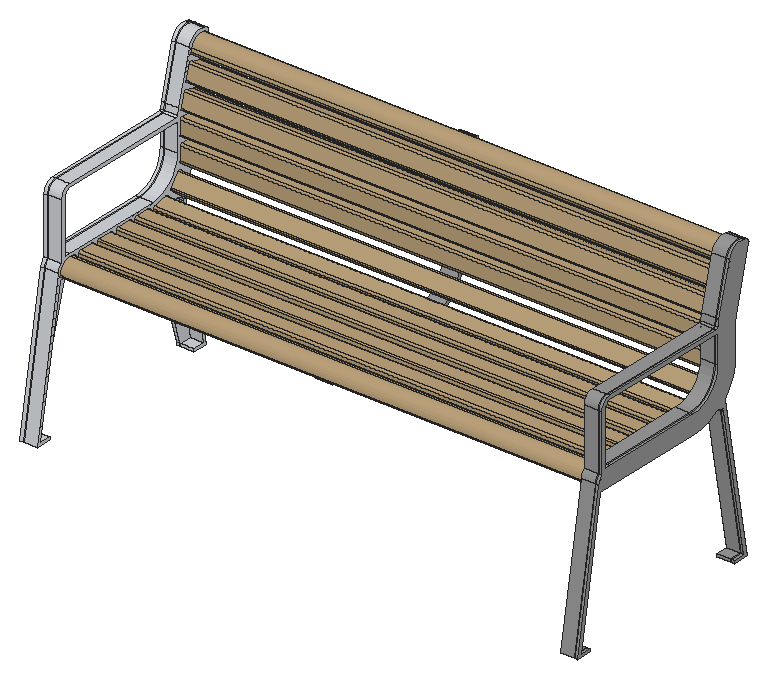
Revit family "L-FUR_벤치_DWB-120_데오스웍스", category 일반 모델, Revit 2021
Family settings
  보강 철근 호스트 가능 = 아니오
  원형 커넥터 치수 = 지름 사용
  부품 유형 = 보통
  작업 기준면 기반 = 아니오
  항상 수직 = 예
  로드될 때 보이드를 사용하여 절단 = 아니오
  공유 = 아니오
  룸 계산 점 = 아니오
Parameters
  한국산업규격KS = ""
  조달청표준공사코드-세부공종 = "24084148"
  기본 입면도 = 0 mm
  건설정보분류체계-부위분류 = "E943"
  LIM_INFO_주의사항 = "재배포, 재가공, 판매 금지"
  LIM_INFO_제품업체 = "예건"
  LIM_INFO_제품번호 = "YF-16"
  LIM_INFO_제품명 = "펜스_YF-16"
  LIM_INFO_제작일 = "20230315"
  LIM_INFO_재료 = "Hardwood, STL-pipe, STL-plate"
  LIM_INFO_업체정보 = ""
  LIM_INFO_업체URL = "https://yekun.com/"
  LIM_INFO_업체TEL = "(+82)31-943-6114"
  LIM_INFO_업체EMAIL = "yekun@yekun.com"
  LIM_INFO_버전 = "2023_V01"
  LIM_INFO_기타정보 = ""
  LIM_INFO_규격 = "W2000 x H1800"
  LIM_INFO_가격 = 0
  LIM_INFO_PV_포장재여부 = yes
  LIM_INFO_PV_면적 = 0.00 m²
  KBIMS_식별-버전 = ""
  KBIMS_식별-bSK등록번호 = ""
  KBIMS_보급정보-저작자 = "림인포테크_MMJ"
  KBIMS_보급정보-보급코드 = ""
Reference planes
  plane 1 "중심(앞/뒤)": y = 0
  plane 2: z = 0
  plane 3 "중심(왼쪽/오른쪽)": x = 0
Dimensions and locks
  aligned and locked: level to plane 2
Nested families
  nested 1: "DWB-120_base" at (0, 0, 0), type "DWB-120_base"
Definition of nested family "DWB-120_base"
  Parameters (values of type "DWB-120_base")
    Default Elevation = 0 mm
  Reference planes
    plane 1 "중심(앞/뒤)": y = 0
    plane 2: z = 0
    plane 3 "중심(왼쪽/오른쪽)": x = 0
  Forms (mm)
    Extrusion 1, solid, detail levels fine
      sketch origin (0, -6.775, 0) x (0, 1, 0) y (0, 0, 1)
        loop
          line (-604.098, 0) -> (-561.126, 0) -> (-561.126, 8) -> (-458.037, 365.637)
          arc (-458.037, 365.637) -> (-447.208, 381.075) -> (-429.306, 387.002) r 30
          line (-429.306, 387.002) -> (-298, 387.002) -> (-174.792, 387.002)
          arc (-174.792, 387.002) -> (-156.89, 381.075) -> (-146.061, 365.637) r 30
          line (-146.061, 365.637) -> (-42.972, 8) -> (-42.972, 0) -> (0, 0) -> (-78.725, 435.811)
          arc (-78.725, 435.811) -> (-50.028, 482.3) -> (-40.019, 536.008) r 148.984
          line (-40.019, 536.008) -> (-40.018, 623.23)
          arc (-40.018, 623.23) -> (-39.633, 629.103) -> (-38.485, 634.876) r 45
          line (-38.485, 634.876) -> (6.4, 802.388)
          arc (6.4, 802.388) -> (5.301, 810.735) -> (-1.378, 815.86) r 11
          line (-1.378, 815.86) -> (-10.071, 818.19)
          arc (-10.071, 818.19) -> (-41.183, 814.094) -> (-60.286, 789.198) r 41
          line (-60.286, 789.198) -> (-97.406, 650.664)
          arc (-97.406, 650.664) -> (-99.399, 641.682) -> (-100.606, 632.562) r 106
          arc (-100.606, 632.562) -> (-102.211, 629.314) -> (-105.587, 628.002) r 5
          line (-105.587, 628.002) -> (-488.181, 628.002)
          arc (-488.181, 628.002) -> (-509.394, 619.215) -> (-518.181, 598.002) r 30
          line (-518.181, 598.002) -> (-518.181, 435.735)
          arc (-518.181, 435.735) -> (-525.403, 425.735) -> (-529.324, 414.04) r 41
          line (-529.324, 414.04) -> (-604.098, 0)
        loop
          line (-106.018, 618.002) -> (-488.181, 618.002)
          arc (-488.181, 618.002) -> (-502.323, 612.144) -> (-508.181, 598.002) r 20
          line (-508.181, 598.002) -> (-508.181, 450.74)
          arc (-508.181, 450.74) -> (-506.118, 446.694) -> (-501.632, 445.986) r 5
          arc (-501.632, 445.986) -> (-495.362, 447.495) -> (-488.933, 448.002) r 41
          line (-488.933, 448.002) -> (-189.002, 448.002)
          arc (-189.002, 448.002) -> (-126.782, 473.778) -> (-101.019, 536.003) r 87.984
          line (-101.019, 536.003) -> (-101.018, 613.002)
          arc (-101.018, 613.002) -> (-102.483, 616.538) -> (-106.018, 618.002) r 5
      from 0 to 10
    Extrusion 2, solid, detail levels fine
      sketch origin (0, -6.775, 0) x (0, 1, 0) y (0, 0, 1)
        loop
          line (-561.126, 8) -> (-595.532, 8) -> (-526.41, 390.895)
          arc (-526.41, 390.895) -> (-524.695, 393.84) -> (-521.49, 395.002) r 5
          line (-521.49, 395.002) -> (-189.002, 395.002)
          arc (-189.002, 395.002) -> (-148.297, 401.006) -> (-111.058, 418.507) r 140.984
          arc (-111.058, 418.507) -> (-92.162, 420.242) -> (-80.323, 405.413) r 20
          line (-80.323, 405.413) -> (-8.566, 8) -> (-42.972, 8) -> (-42.972, 0) -> (0, 0) -> (-78.725, 435.811)
          arc (-78.725, 435.811) -> (-50.028, 482.3) -> (-40.019, 536.008) r 148.984
          line (-40.019, 536.008) -> (-40.018, 623.23)
          arc (-40.018, 623.23) -> (-39.633, 629.103) -> (-38.485, 634.876) r 45
          line (-38.485, 634.876) -> (6.4, 802.388)
          arc (6.4, 802.388) -> (5.301, 810.735) -> (-1.378, 815.86) r 11
          line (-1.378, 815.86) -> (-10.071, 818.19)
          arc (-10.071, 818.19) -> (-41.183, 814.094) -> (-60.286, 789.198) r 41
          line (-60.286, 789.198) -> (-97.406, 650.664)
          arc (-97.406, 650.664) -> (-99.399, 641.682) -> (-100.606, 632.562) r 106
          arc (-100.606, 632.562) -> (-102.211, 629.314) -> (-105.587, 628.002) r 5
          line (-105.587, 628.002) -> (-488.181, 628.002)
          arc (-488.181, 628.002) -> (-509.394, 619.215) -> (-518.181, 598.002) r 30
          line (-518.181, 598.002) -> (-518.181, 435.735)
          arc (-518.181, 435.735) -> (-525.403, 425.735) -> (-529.324, 414.04) r 41
          line (-529.324, 414.04) -> (-604.098, 0) -> (-561.126, 0) -> (-561.126, 8)
        loop
          line (-106.018, 618.002) -> (-488.181, 618.002)
          arc (-488.181, 618.002) -> (-502.323, 612.144) -> (-508.181, 598.002) r 20
          line (-508.181, 598.002) -> (-508.181, 450.74)
          arc (-508.181, 450.74) -> (-506.118, 446.694) -> (-501.632, 445.986) r 5
          arc (-501.632, 445.986) -> (-495.362, 447.495) -> (-488.933, 448.002) r 41
          line (-488.933, 448.002) -> (-189.002, 448.002)
          arc (-189.002, 448.002) -> (-126.782, 473.778) -> (-101.019, 536.003) r 87.984
          line (-101.019, 536.003) -> (-101.018, 613.002)
          arc (-101.018, 613.002) -> (-102.483, 616.538) -> (-106.018, 618.002) r 5
      from 10 to 50
    Extrusion 3, solid, detail levels fine
      sketch origin (0, -6.775, 0) x (0, 1, 0) y (0, 0, 1)
        loop
          line (-561.126, 8) -> (-595.532, 8) -> (-526.41, 390.895)
          arc (-526.41, 390.895) -> (-524.695, 393.84) -> (-521.49, 395.002) r 5
          line (-521.49, 395.002) -> (-189.002, 395.002)
          arc (-189.002, 395.002) -> (-148.297, 401.006) -> (-111.058, 418.507) r 140.984
          arc (-111.058, 418.507) -> (-92.162, 420.242) -> (-80.323, 405.413) r 20
          line (-80.323, 405.413) -> (-8.566, 8) -> (-42.972, 8) -> (-42.972, 0) -> (0, 0) -> (-78.725, 435.811)
          arc (-78.725, 435.811) -> (-50.028, 482.3) -> (-40.019, 536.008) r 148.984
          line (-40.019, 536.008) -> (-40.018, 623.23)
          arc (-40.018, 623.23) -> (-39.633, 629.103) -> (-38.485, 634.876) r 45
          line (-38.485, 634.876) -> (6.4, 802.388)
          arc (6.4, 802.388) -> (5.301, 810.735) -> (-1.378, 815.86) r 11
          line (-1.378, 815.86) -> (-10.071, 818.19)
          arc (-10.071, 818.19) -> (-41.183, 814.094) -> (-60.286, 789.198) r 41
          line (-60.286, 789.198) -> (-97.406, 650.664)
          arc (-97.406, 650.664) -> (-99.399, 641.682) -> (-100.606, 632.562) r 106
          arc (-100.606, 632.562) -> (-102.211, 629.314) -> (-105.587, 628.002) r 5
          line (-105.587, 628.002) -> (-488.181, 628.002)
          arc (-488.181, 628.002) -> (-509.394, 619.215) -> (-518.181, 598.002) r 30
          line (-518.181, 598.002) -> (-518.181, 435.735)
          arc (-518.181, 435.735) -> (-525.403, 425.735) -> (-529.324, 414.04) r 41
          line (-529.324, 414.04) -> (-604.098, 0) -> (-561.126, 0) -> (-561.126, 8)
        loop
          line (-106.018, 618.002) -> (-488.181, 618.002)
          arc (-488.181, 618.002) -> (-502.323, 612.144) -> (-508.181, 598.002) r 20
          line (-508.181, 598.002) -> (-508.181, 450.74)
          arc (-508.181, 450.74) -> (-506.118, 446.694) -> (-501.632, 445.986) r 5
          arc (-501.632, 445.986) -> (-495.362, 447.495) -> (-488.933, 448.002) r 41
          line (-488.933, 448.002) -> (-189.002, 448.002)
          arc (-189.002, 448.002) -> (-126.782, 473.778) -> (-101.019, 536.003) r 87.984
          line (-101.019, 536.003) -> (-101.018, 613.002)
          arc (-101.018, 613.002) -> (-102.483, 616.538) -> (-106.018, 618.002) r 5
      from 1590 to 1600
    Extrusion 4, solid, detail levels fine
      sketch origin (0, -6.775, 0) x (0, 1, 0) y (0, 0, 1)
        loop
          line (-561.126, 8) -> (-595.532, 8) -> (-526.41, 390.895)
          arc (-526.41, 390.895) -> (-524.695, 393.84) -> (-521.49, 395.002) r 5
          line (-521.49, 395.002) -> (-189.002, 395.002)
          arc (-189.002, 395.002) -> (-148.297, 401.006) -> (-111.058, 418.507) r 140.984
          arc (-111.058, 418.507) -> (-92.162, 420.242) -> (-80.323, 405.413) r 20
          line (-80.323, 405.413) -> (-8.566, 8) -> (-42.972, 8) -> (-42.972, 0) -> (0, 0) -> (-78.725, 435.811)
          arc (-78.725, 435.811) -> (-50.028, 482.3) -> (-40.019, 536.008) r 148.984
          line (-40.019, 536.008) -> (-40.018, 623.23)
          arc (-40.018, 623.23) -> (-39.633, 629.103) -> (-38.485, 634.876) r 45
          line (-38.485, 634.876) -> (6.4, 802.388)
          arc (6.4, 802.388) -> (5.301, 810.735) -> (-1.378, 815.86) r 11
          line (-1.378, 815.86) -> (-10.071, 818.19)
          arc (-10.071, 818.19) -> (-41.183, 814.094) -> (-60.286, 789.198) r 41
          line (-60.286, 789.198) -> (-97.406, 650.664)
          arc (-97.406, 650.664) -> (-99.399, 641.682) -> (-100.606, 632.562) r 106
          arc (-100.606, 632.562) -> (-102.211, 629.314) -> (-105.587, 628.002) r 5
          line (-105.587, 628.002) -> (-488.181, 628.002)
          arc (-488.181, 628.002) -> (-509.394, 619.215) -> (-518.181, 598.002) r 30
          line (-518.181, 598.002) -> (-518.181, 435.735)
          arc (-518.181, 435.735) -> (-525.403, 425.735) -> (-529.324, 414.04) r 41
          line (-529.324, 414.04) -> (-604.098, 0) -> (-561.126, 0) -> (-561.126, 8)
        loop
          line (-106.018, 618.002) -> (-488.181, 618.002)
          arc (-488.181, 618.002) -> (-502.323, 612.144) -> (-508.181, 598.002) r 20
          line (-508.181, 598.002) -> (-508.181, 450.74)
          arc (-508.181, 450.74) -> (-506.118, 446.694) -> (-501.632, 445.986) r 5
          arc (-501.632, 445.986) -> (-495.362, 447.495) -> (-488.933, 448.002) r 41
          line (-488.933, 448.002) -> (-189.002, 448.002)
          arc (-189.002, 448.002) -> (-126.782, 473.778) -> (-101.019, 536.003) r 87.984
          line (-101.019, 536.003) -> (-101.018, 613.002)
          arc (-101.018, 613.002) -> (-102.483, 616.538) -> (-106.018, 618.002) r 5
      from 1550 to 1590
    Extrusion 5, solid, detail levels fine
      sketch origin (0, -6.775, 0) x (0, 1, 0) y (0, 0, 1)
        loop
          line (-481, 442.002) -> (-491, 442.002)
          arc (-491, 442.002) -> (-515.749, 431.751) -> (-526, 407.002) r 35
          arc (-526, 407.002) -> (-524.536, 403.466) -> (-521, 402.002) r 5
          line (-521, 402.002) -> (-481, 402.002)
          arc (-481, 402.002) -> (-477.464, 403.466) -> (-476, 407.002) r 5
          line (-476, 407.002) -> (-476, 437.002)
          arc (-476, 437.002) -> (-477.464, 440.538) -> (-481, 442.002) r 5
        loop
          arc (-459, 407.002) -> (-457.536, 403.466) -> (-454, 402.002) r 5
          line (-454, 402.002) -> (-414, 402.002)
          arc (-414, 402.002) -> (-410.464, 403.466) -> (-409, 407.002) r 5
          line (-409, 407.002) -> (-409, 437.002)
          arc (-409, 437.002) -> (-410.464, 440.538) -> (-414, 442.002) r 5
          line (-414, 442.002) -> (-454, 442.002)
          arc (-454, 442.002) -> (-457.536, 440.538) -> (-459, 437.002) r 5
          line (-459, 437.002) -> (-459, 407.002)
        loop
          arc (-392, 407.002) -> (-390.536, 403.466) -> (-387, 402.002) r 5
          line (-387, 402.002) -> (-347, 402.002)
          arc (-347, 402.002) -> (-343.464, 403.466) -> (-342, 407.002) r 5
          line (-342, 407.002) -> (-342, 437.002)
          arc (-342, 437.002) -> (-343.464, 440.538) -> (-347, 442.002) r 5
          line (-347, 442.002) -> (-387, 442.002)
          arc (-387, 442.002) -> (-390.536, 440.538) -> (-392, 437.002) r 5
          line (-392, 437.002) -> (-392, 407.002)
        loop
          arc (-325, 407.002) -> (-323.536, 403.466) -> (-320, 402.002) r 5
          line (-320, 402.002) -> (-280, 402.002)
          arc (-280, 402.002) -> (-276.464, 403.466) -> (-275, 407.002) r 5
          line (-275, 407.002) -> (-275, 437.002)
          arc (-275, 437.002) -> (-276.464, 440.538) -> (-280, 442.002) r 5
          line (-280, 442.002) -> (-320, 442.002)
          arc (-320, 442.002) -> (-323.536, 440.538) -> (-325, 437.002) r 5
          line (-325, 437.002) -> (-325, 407.002)
        loop
          arc (-258, 407.002) -> (-256.536, 403.466) -> (-253, 402.002) r 5
          line (-253, 402.002) -> (-213, 402.002)
          arc (-213, 402.002) -> (-209.464, 403.466) -> (-208, 407.002) r 5
          line (-208, 407.002) -> (-208, 437.002)
          arc (-208, 437.002) -> (-209.464, 440.538) -> (-213, 442.002) r 5
          line (-213, 442.002) -> (-253, 442.002)
          arc (-253, 442.002) -> (-256.536, 440.538) -> (-258, 437.002) r 5
          line (-258, 437.002) -> (-258, 407.002)
        loop
          arc (-184.986, 403.247) -> (-182.83, 400.085) -> (-179.07, 399.373) r 5
          line (-179.07, 399.373) -> (-139.912, 407.538)
          arc (-139.912, 407.538) -> (-136.75, 409.693) -> (-136.038, 413.453) r 5
          line (-136.038, 413.453) -> (-142.162, 442.822)
          arc (-142.162, 442.822) -> (-144.317, 445.984) -> (-148.077, 446.696) r 5
          line (-148.077, 446.696) -> (-187.235, 438.531)
          arc (-187.235, 438.531) -> (-190.397, 436.376) -> (-191.109, 432.616) r 5
          line (-191.109, 432.616) -> (-184.986, 403.247)
        loop
          arc (-103.557, 433.66) -> (-99.864, 432.657) -> (-96.543, 434.558) r 5
          line (-96.543, 434.558) -> (-72.08, 466.206)
          arc (-72.08, 466.206) -> (-71.077, 469.899) -> (-72.978, 473.22) r 5
          line (-72.978, 473.22) -> (-96.714, 491.567)
          arc (-96.714, 491.567) -> (-100.407, 492.57) -> (-103.728, 490.669) r 5
          line (-103.728, 490.669) -> (-128.191, 459.021)
          arc (-128.191, 459.021) -> (-129.194, 455.328) -> (-127.293, 452.007) r 5
          line (-127.293, 452.007) -> (-103.557, 433.66)
        loop
          arc (-60.903, 507.118) -> (-57.339, 508.51) -> (-55.802, 512.014) r 5
          line (-55.802, 512.014) -> (-54.982, 552.006)
          arc (-54.982, 552.006) -> (-56.374, 555.571) -> (-59.878, 557.107) r 5
          line (-59.878, 557.107) -> (-89.872, 557.722)
          arc (-89.872, 557.722) -> (-93.437, 556.331) -> (-94.974, 552.826) r 5
          line (-94.974, 552.826) -> (-95.794, 512.834)
          arc (-95.794, 512.834) -> (-94.402, 509.27) -> (-90.897, 507.733) r 5
          line (-90.897, 507.733) -> (-60.903, 507.118)
        loop
          arc (-60.018, 574.722) -> (-56.483, 576.187) -> (-55.018, 579.722) r 5
          line (-55.018, 579.722) -> (-55.018, 619.722)
          arc (-55.018, 619.722) -> (-56.483, 623.258) -> (-60.018, 624.722) r 5
          line (-60.018, 624.722) -> (-90.018, 624.722)
          arc (-90.018, 624.722) -> (-93.554, 623.258) -> (-95.018, 619.722) r 5
          line (-95.018, 619.722) -> (-95.018, 579.722)
          arc (-95.018, 579.722) -> (-93.554, 576.187) -> (-90.018, 574.722) r 5
          line (-90.018, 574.722) -> (-60.018, 574.722)
        loop
          arc (-75.284, 688.725) -> (-79.078, 688.225) -> (-81.408, 685.189) r 5
          line (-81.408, 685.189) -> (-91.76, 646.552)
          arc (-91.76, 646.552) -> (-91.261, 642.758) -> (-88.225, 640.428) r 5
          line (-88.225, 640.428) -> (-59.247, 632.664)
          arc (-59.247, 632.664) -> (-55.453, 633.163) -> (-53.123, 636.199) r 5
          line (-53.123, 636.199) -> (-42.771, 674.836)
          arc (-42.771, 674.836) -> (-43.27, 678.63) -> (-46.306, 680.96) r 5
          line (-46.306, 680.96) -> (-75.284, 688.725)
        loop
          arc (-57.943, 753.442) -> (-61.737, 752.942) -> (-64.067, 749.906) r 5
          line (-64.067, 749.906) -> (-74.42, 711.269)
          arc (-74.42, 711.269) -> (-73.92, 707.475) -> (-70.884, 705.145) r 5
          line (-70.884, 705.145) -> (-41.906, 697.381)
          arc (-41.906, 697.381) -> (-38.112, 697.88) -> (-35.782, 700.916) r 5
          line (-35.782, 700.916) -> (-25.43, 739.553)
          arc (-25.43, 739.553) -> (-25.929, 743.347) -> (-28.965, 745.677) r 5
          line (-28.965, 745.677) -> (-57.943, 753.442)
        loop
          line (-53.543, 769.862) -> (-24.565, 762.098)
          arc (-24.565, 762.098) -> (-20.771, 762.597) -> (-18.442, 765.633) r 5
          line (-18.442, 765.633) -> (-8.089, 804.27)
          arc (-8.089, 804.27) -> (-8.588, 808.064) -> (-11.624, 810.394) r 5
          arc (-11.624, 810.394) -> (-38.183, 806.898) -> (-54.49, 785.645) r 35
          line (-54.49, 785.645) -> (-57.079, 775.986)
          arc (-57.079, 775.986) -> (-56.579, 772.192) -> (-53.543, 769.862) r 5
      from 1550 to 50
    Extrusion 6, solid, detail levels fine
      sketch origin (0, -0.375, 0) x (0, 1, 0) y (0, 0, 1)
        loop
          arc (-189.002, 395.002) -> (-139.224, 404.082) -> (-95.857, 430.154) r 140.984
          arc (-95.857, 430.154) -> (-60.528, 477.927) -> (-48.019, 536.012) r 140.984
          line (-48.019, 536.012) -> (-46.418, 623.23)
          arc (-46.418, 623.23) -> (-46.033, 629.103) -> (-44.885, 634.876) r 45
          line (-44.885, 634.876) -> (0.429, 803.988) -> (-8.089, 806.27) -> (-54.848, 631.764)
          arc (-54.848, 631.764) -> (-54.975, 631.123) -> (-55.018, 630.47) r 5
          line (-55.018, 630.47) -> (-55.019, 535.962)
          arc (-55.019, 535.962) -> (-94.27, 441.237) -> (-189.002, 402.002) r 133.984
          line (-189.002, 402.002) -> (-519.982, 402.002) -> (-521, 402.002) -> (-521, 395.002) -> (-189.002, 395.002)
      from 775 to 825
    Extrusion 7, solid, detail levels coarse+medium
      sketch origin (0, -9.247, 0) x (0, 1, 0) y (0, 0, 1)
        loop
          line (-604.098, 0) -> (-561.126, 0) -> (-561.126, 8) -> (-451.878, 387.002) -> (-298, 387.002) -> (-152.22, 387.002) -> (-42.972, 8) -> (-42.972, 0) -> (0, 0) -> (-78.725, 435.811) -> (-50.028, 482.3) -> (-40.019, 536.008) -> (-40.018, 629.154) -> (9.247, 813.013) -> (-49.674, 828.801) -> (-103.478, 628.002) -> (-518.181, 628.002) -> (-518.181, 435.735) -> (-529.324, 414.04) -> (-604.098, 0)
        loop
          line (-101.018, 618.002) -> (-508.181, 618.002) -> (-508.181, 448.002) -> (-189.002, 448.002) -> (-126.782, 473.778) -> (-101.019, 536.003) -> (-101.018, 618.002)
      from 0 to 50
    Extrusion 8, solid, detail levels coarse+medium
      sketch origin (0, -9.247, 0) x (0, 1, 0) y (0, 0, 1)
        loop
          line (-604.098, 0) -> (-561.126, 0) -> (-561.126, 8) -> (-451.878, 387.002) -> (-298, 387.002) -> (-152.22, 387.002) -> (-42.972, 8) -> (-42.972, 0) -> (0, 0) -> (-78.725, 435.811) -> (-50.028, 482.3) -> (-40.019, 536.008) -> (-40.018, 629.154) -> (9.247, 813.013) -> (-49.674, 828.801) -> (-103.478, 628.002) -> (-518.181, 628.002) -> (-518.181, 435.735) -> (-529.324, 414.04) -> (-604.098, 0)
        loop
          line (-101.018, 618.002) -> (-508.181, 618.002) -> (-508.181, 448.002) -> (-189.002, 448.002) -> (-126.782, 473.778) -> (-101.019, 536.003) -> (-101.018, 618.002)
      from 1550 to 1600
    Extrusion 9, solid, detail levels coarse+medium
      sketch origin (0, 0, 0) x (0, 1, 0) y (0, 0, 1)
        loop
          line (-195.241, 442.002) -> (-497.239, 442.002) -> (-523.696, 429.915) -> (-531.88, 402.002) -> (-195.241, 402.002) -> (-125.901, 421.34) -> (-74.37, 478.179) -> (-61.257, 523.997) -> (-61.257, 631.129) -> (-13.127, 810.753) -> (-31.317, 813.31) -> (-49.884, 805.002) -> (-60.729, 787.645) -> (-101.257, 636.394) -> (-101.257, 536.007) -> (-112.042, 492.273) -> (-143.608, 457.456) -> (-195.241, 442.002)
      from 1550 to 50
  Dimensions and locks
    aligned and locked: level to plane 2
